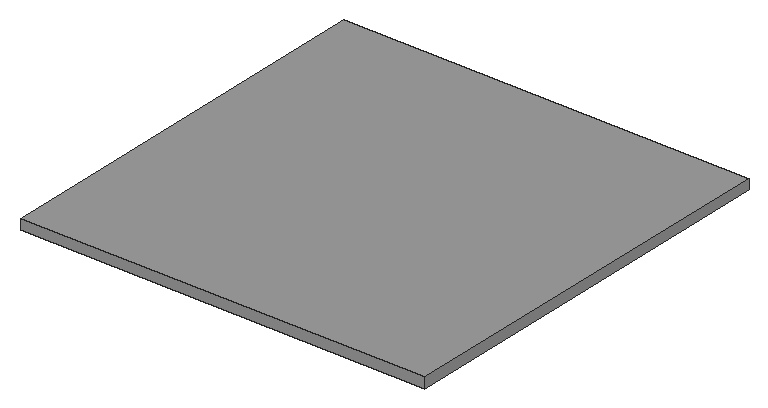
Revit family "BK-BK Inverted Roof 100mm Family", category Generic Models, host Floor, Revit 2017
Family settings
  Host = Floor
  Can host rebar = No
  Round Connector Dimension = Use Diameter
  Part Type = Normal
  Always vertical = Yes
  Cut with Voids When Loaded = No
  Shared = No
  Room Calculation Point = No
Parameters (values of type "Lambdaboard")
  Width = 4000 mm
  URL = "www.rigifoam.com"
  Type Comments = "duncan@rigifoam.com"
  Thermal Resistance = 4.7000 (m²·K)/W
  Thermal Conductivity = 0.0240 W/(m·K)
  Model = "BK/BK Inverted Roof 100mm"
  Material = Polyisocyanurate
  Manufacturer = "Lambdaboard"
  Length = 4000 mm
  Slab Thickness = 300 mm
  Description = "Flexible PIR Insulation"
  Depth = 100 mm
  Density = 40.0000 kg/m³
Reference planes
  plane 1 "Center (Front/Back)": y = 0
  plane 2: z = 0
  plane 3 "Center (Left/Right)": x = 0
Forms (mm)
  Extrusion 1, solid, material "Polyisocyanurate" <- "Material"
    sketch origin (0, 0, 0) x (1, 0, 0) y (0, 1, 0)
      loop
        line (-2000, 2000) -> (-2000, -2000) -> (2000, -2000) -> (2000, 2000) -> (-2000, 2000)
    from -300 to -400
Dimensions and locks
  "Depth": Extrusion 1 to Extrusion 1
  "Length": Extrusion 1 to Extrusion 1
  "Width": Extrusion 1 to Extrusion 1
  "Slab Thickness": plane 2 to Extrusion 1
  aligned and locked: level to plane 2
Automatic sketch dimensions
  Extrusion 1 sketch curve to plane 3 "Center (Left/Right)" = 2000 mm
  plane 3 "Center (Left/Right)" to Extrusion 1 sketch curve = 2000 mm
  plane 1 "Center (Front/Back)" to Extrusion 1 sketch curve = 2000 mm
  Extrusion 1 sketch curve to plane 1 "Center (Front/Back)" = 2000 mm
